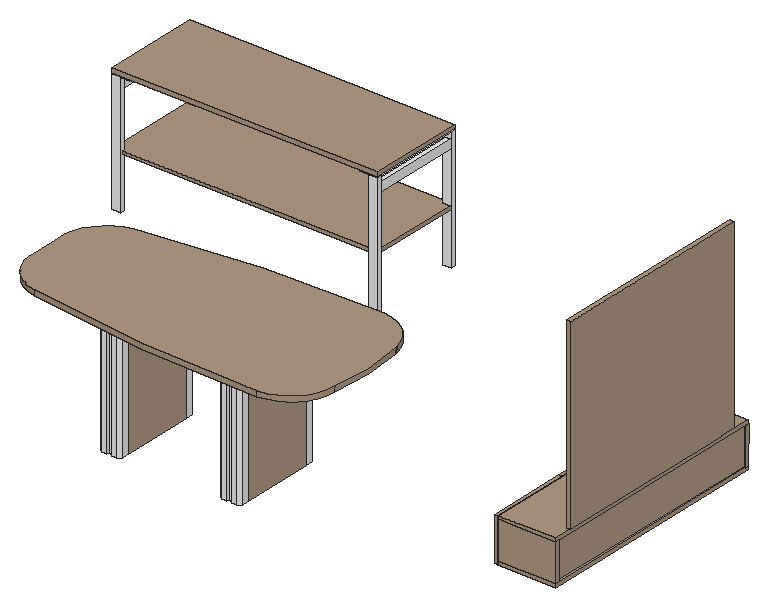
Revit family "T400009", category Furniture, Revit 2013
Parameters (values of type "T400009")
  Width = 168 5/16"
  URL = "http://www.ofsbrands.com/"
  Top Core Material = OFS BRANDS INTERMIX Top Core Wood
  Pull Material = OFS BRANDS INTERMIX Pull Metal
  Model = "T400009"
  Manufacturer = "FIRST OFFICE"
  Height = 72"
  Feet Material = OFS BRANDS INTERMIX Feet Metal
  Door Material = OFS BRANDS INTERMIX Door Plastic
  Description = "OFS BRANDS FIRST OFFICE INTERMIX TYPICAL T400009"
  Depth = 107 1/16"
  Copyright © = "© 2018 OFS BRANDS"
  Chassis Material = OFS BRANDS INTERMIX Chassis Wood
  Catalog = "http://ofsbrands.com/products/tables/conference-tables/intermix"
  Conector Clip Material = OFS BRANDS INTERMIX Conector Clip Metal
  Back Coverage Material = OFS BRANDS INTERMIX Back Coverage Plastic
  Authoring Version = "Autodesk Revit Architecture 2013"
  Assembly Code = "E2020200"
Reference planes (in)
  plane 1 "Center (Front/Back)": y = 0
  plane 2: z = 0
  plane 3 "Center (Left/Right)": x = 0
Forms (in)
  Extrusion 1, solid, material "OFS BRANDS INTERMIX Chassis Wood" <- "Chassis Material"
    sketch origin (83.91388, -5.91757, -26.25) x (1, 0, 0) y (0, 1, 0)
      loop
        line (-12.75, 6.75) -> (-12.75, -47.625) -> (0.25, -47.625) -> (0.25, 6.75) -> (-12.75, 6.75)
    from 55.49999 to 56.24999
  Extrusion 2, solid, material "OFS BRANDS INTERMIX Chassis Wood" <- "Chassis Material"
    sketch origin (83.91388, -5.91757, -35.5) x (1, 0, 0) y (0, 1, 0)
      loop
        line (-12.75, 6.75) -> (-12.75, -47.625) -> (0.25, -47.625) -> (0.25, 6.75) -> (-12.75, 6.75)
    from 55.49999 to 56.24999
  Extrusion 3, solid, material "OFS BRANDS INTERMIX Chassis Wood" <- "Chassis Material"
    sketch origin (77.41388, -12.41757, -13.5) x (1, 0, 0) y (0, 0, 1)
      loop
        line (6.75, 42.74999) -> (-6.25, 42.74999) -> (-6.25, 34.25) -> (6.75, 34.25) -> (6.75, 42.74999)
    from -13.25 to -12.50001
  Extrusion 4, solid, material "OFS BRANDS INTERMIX Chassis Wood" <- "Chassis Material"
    sketch origin (77.41388, -66.04258, -13.5) x (1, 0, 0) y (0, 0, 1)
      loop
        line (6.75, 42.74999) -> (-6.25, 42.74999) -> (-6.25, 34.25) -> (6.75, 34.25) -> (6.75, 42.74999)
    from -13.25 to -12.50001
  Extrusion 5, solid, material "OFS BRANDS INTERMIX Chassis Wood" <- "Chassis Material"
    sketch origin (77.41388, -48.29257, -13.5) x (1, 0, 0) y (0, 0, 1)
      loop
        line (5.5, 42.74999) -> (-6.25, 42.74999) -> (-6.25, 34.25) -> (5.5, 34.25) -> (5.5, 42.74999)
    from -13.25 to -12.50001
  Extrusion 6, solid, material "OFS BRANDS INTERMIX Chassis Wood" <- "Chassis Material"
    sketch origin (77.41388, -30.16757, -13.5) x (1, 0, 0) y (0, 0, 1)
      loop
        line (5.5, 42.74999) -> (-6.25, 42.74999) -> (-6.25, 34.25) -> (5.5, 34.25) -> (5.5, 42.74999)
    from -13.25 to -12.50001
  Extrusion 7, solid, material "OFS BRANDS INTERMIX Chassis Wood" <- "Chassis Material"
    sketch origin (96.16388, -5.41757, -13.5) x (0, 1, 0) y (0, 0, 1)
      loop
        line (5.5, 42.74999) -> (-47.375, 42.74999) -> (-47.375, 34.25) -> (5.5, 34.25) -> (5.5, 42.74999)
    from -13.25 to -12.50001
  Extrusion 8, solid, material "OFS BRANDS INTERMIX Chassis Wood" <- "Chassis Material"
    sketch origin (96.66388, -5.41757, 29.25001) x (0, 1, 0) y (0, 0, 1)
      loop
        line (2.0625, 42.74999) -> (-43.9375, 42.74999) -> (-43.9375, 0.74999) -> (2.0625, 0.74999) -> (2.0625, 42.74999)
    from -13.25 to -12.50001
  Extrusion 9, solid, material "OFS BRANDS INTERMIX Top Core Wood" <- "Top Core Material"
    sketch origin (-41.67594, 38.2068, 0.93745) x (0, -1, 0) y (1, 0, 0)
      loop
        arc (68.35543, -10.05636) -> (75.48422, -8.05106) -> (79.35802, -1.73961) r 10.15955
        arc (79.35802, -1.73961) -> (82.68836, 24.82889) -> (83.20319, 51.60035) r 253.99282
        arc (83.20319, 51.60035) -> (80.21531, 58.40345) -> (73.36091, 61.27171) r 10.00791
        arc (73.36091, 61.27171) -> (64.64235, 61.94649) -> (55.93644, 61.12439) r 51.08351
        line (55.93644, 61.12439) -> (55.59093, 61.08626)
        arc (55.59093, 61.08626) -> (49.89573, 57.75369) -> (47.51289, 51.60037) r 10.00791
        arc (47.51289, 51.60037) -> (48.0277, 24.82891) -> (51.35802, -1.73959) r 253.99282
        arc (51.35802, -1.73959) -> (55.23117, -8.05057) -> (62.35899, -10.05652) r 10.15955
        arc (62.35899, -10.05652) -> (65.35721, -10.12368) -> (68.35543, -10.05636) r 66.87567
    from 27.87755 to 29.03995
  Extrusion 10, solid, material "OFS BRANDS INTERMIX Feet Metal" <- "Feet Material"
    sketch origin (-50.60494, 65.67023, 0) x (1, 0, 0) y (0, 1, 0)
      loop
        line (-33.55894, -34.06516) -> (-31.55894, -34.06516) -> (-31.55894, -33.06516) -> (-33.55894, -33.06516) -> (-33.55894, -34.06516)
    from 0 to 27.4307
  Extrusion 11, solid, material "OFS BRANDS INTERMIX Feet Metal" <- "Feet Material"
    sketch origin (-93.19977, 29.36602, 0) x (0, -1, 0) y (0, 0, 1)
      loop
        line (-3.23905, 24.0557) -> (-3.23905, 26.0557) -> (-23.17655, 26.0557) -> (-23.17655, 24.0557) -> (-3.23905, 24.0557)
    from -10.16088 to -9.16088
  Extrusion 12, solid, material "OFS BRANDS INTERMIX Feet Metal" <- "Feet Material"
    sketch origin (-50.60494, 19.4774, 0) x (1, 0, 0) y (0, 1, 0)
      loop
        line (-33.55894, 34.06516) -> (-33.55894, 33.06516) -> (-31.55894, 33.06516) -> (-31.55894, 34.06516) -> (-33.55894, 34.06516)
    from 0 to 27.4307
  Extrusion 13, solid, material "OFS BRANDS INTERMIX Feet Metal" <- "Feet Material"
    sketch origin (-50.60494, 19.47741, 0.1943) x (1, 0, 0) y (0, 1, 0)
      loop
        line (-33.55894, 34.06516) -> (-33.55894, 12.12766) -> (-29.55894, 12.12766) -> (-29.55894, 34.06516) -> (-33.55894, 34.06516)
    from 27.2364 to 27.4307
  Extrusion 14, solid, material "OFS BRANDS INTERMIX Top Core Wood" <- "Top Core Material"
    sketch origin (121.83291, -32.46736, 0.93745) x (0, -1, 0) y (1, 0, 0)
      loop
        line (-86.01003, -205.99674) -> (-64.01003, -205.99676) -> (-64.01, -145.99676) -> (-86.01, -145.99675) -> (-86.01003, -205.99674)
    from 26.68755 to 27.68755
  Extrusion 15, solid, material "OFS BRANDS INTERMIX Top Core Wood" <- "Top Core Material"
    sketch origin (121.83291, -32.46736, -15.18755) x (0, -1, 0) y (1, 0, 0)
      loop
        line (-85.82253, -203.99675) -> (-85.01, -203.99675) -> (-85.01, -205.74675) -> (-65.07253, -205.74675) -> (-65.07253, -203.99675) -> (-64.32252, -203.99675) -> (-64.3225, -147.99675) -> (-65.07253, -147.99675) -> (-65.07253, -146.24675) -> (-85.01, -146.24674) -> (-85.01, -147.99675) -> (-85.8225, -147.99675) -> (-85.82253, -203.99675)
    from 26.93755 to 27.68755
  Extrusion 16, solid, material "OFS BRANDS INTERMIX Feet Metal" <- "Feet Material"
    sketch origin (-57.72282, 65.67023, 0) x (-1, 0, 0) y (0, -1, 0)
      loop
        line (-33.55894, 34.06516) -> (-33.55894, 33.06516) -> (-31.55894, 33.06516) -> (-31.55894, 34.06516) -> (-33.55894, 34.06516)
    from 0 to 27.4307
  Extrusion 17, solid, material "OFS BRANDS INTERMIX Feet Metal" <- "Feet Material"
    sketch origin (-15.12799, 29.36602, 0) x (0, -1, 0) y (0, 0, -1)
      loop
        line (-3.23905, -24.0557) -> (-23.17655, -24.0557) -> (-23.17655, -26.0557) -> (-3.23905, -26.0557) -> (-3.23905, -24.0557)
    from -10.16088 to -9.16088
  Extrusion 18, solid, material "OFS BRANDS INTERMIX Feet Metal" <- "Feet Material"
    sketch origin (-57.72282, 19.4774, 0) x (-1, 0, 0) y (0, -1, 0)
      loop
        line (-33.55894, -34.06516) -> (-31.55894, -34.06516) -> (-31.55894, -33.06516) -> (-33.55894, -33.06516) -> (-33.55894, -34.06516)
    from 0 to 27.4307
  Extrusion 19, solid, material "OFS BRANDS INTERMIX Feet Metal" <- "Feet Material"
    sketch origin (-57.72282, 19.47741, 0.1943) x (-1, 0, 0) y (0, -1, 0)
      loop
        line (-33.55894, -34.06516) -> (-29.55894, -34.06516) -> (-29.55894, -12.12766) -> (-33.55894, -12.12766) -> (-33.55894, -34.06516)
    from 27.2364 to 27.4307
  Extrusion 20, solid, material "OFS BRANDS INTERMIX Top Core Wood" <- "Top Core Material"
    sketch origin (121.83291, 25.85502, -57.38493) x (0, 0, -1) y (-1, 0, 0)
      loop
        line (-84.81573, 203.99675) -> (-84.8157, 147.99675) -> (-81.2537, 147.99675) -> (-81.25373, 203.99675) -> (-84.81573, 203.99675)
    from 26.93755 to 27.68755
  Extrusion 21, solid, material "OFS BRANDS INTERMIX Chassis Wood" <- "Chassis Material"
    sketch origin (80.91388, 30.76994, -13.5) x (0, 1, 0) y (0, 0, 1)
      loop
        line (-30, 43.4375) -> (-48, 43.4375) -> (-48, 33.5625) -> (-30, 33.5625) -> (-30, 43.4375)
    from -10.5 to -9.75001
  Extrusion 22, solid, material "OFS BRANDS INTERMIX Chassis Wood" <- "Chassis Material"
    sketch origin (-32.30719, -40.63356, 0) x (0, -1, 0) y (0, 0, 1)
      loop
        line (-5.48233, 0) -> (-5.48233, 28.0625) -> (-21.48233, 28.0625) -> (-21.48233, 0) -> (-5.48233, 0)
    from -1.1875 to -0.4375
  Extrusion 23, solid, material "OFS BRANDS INTERMIX Feet Metal" <- "Feet Material"
    sketch origin (2.9437, 13.72845, 0) x (1, 0, 0) y (0, 1, 0)
      loop
        line (-38.75088, -53.41093) -> (-25.75088, -53.41093) -> (-25.75088, -28.34843) -> (-38.75088, -28.34843) -> (-38.75088, -53.41093)
    from 28.0625 to 28.815
  Extrusion 24, solid, material "OFS BRANDS INTERMIX Chassis Wood" <- "Chassis Material"
    sketch origin (-26.40093, -40.63356, 0) x (0, -1, 0) y (0, 0, -1)
      loop
        line (-5.48233, 0) -> (-21.48233, 0) -> (-21.48233, -28.0625) -> (-5.48233, -28.0625) -> (-5.48233, 0)
    from -1.1875 to -0.4375
  Extrusion 25, solid, material "OFS BRANDS INTERMIX Feet Metal" <- "Feet Material"
    sketch origin (2.9437, 16.72845, 0) x (1, 0, 0) y (0, 1, 0)
      loop
        line (-34.79776, -51.87967) -> (-34.79776, -53.62968) -> (-34.04776, -54.37968) -> (-32.79776, -54.37968) -> (-32.79776, -53.87967) -> (-31.79776, -53.87967) -> (-31.79776, -54.37968) -> (-30.54776, -54.37968) -> (-29.79776, -53.62968) -> (-29.79776, -51.87967) -> (-30.53213, -51.87967) -> (-30.53213, -50.87968) -> (-34.06339, -50.87968) -> (-34.06339, -51.87967) -> (-34.79776, -51.87967)
    from 0 to 28.0625
  Extrusion 26, solid, material "OFS BRANDS INTERMIX Feet Metal" <- "Feet Material"
    sketch origin (2.9437, -71.0309, 0) x (1, 0, 0) y (0, 1, 0)
      loop
        line (-34.79776, 51.87967) -> (-34.06339, 51.87967) -> (-34.06339, 50.87968) -> (-30.53213, 50.87968) -> (-30.53213, 51.87967) -> (-29.79776, 51.87967) -> (-29.79776, 53.62968) -> (-30.54776, 54.37968) -> (-31.79776, 54.37968) -> (-31.79776, 53.87967) -> (-32.79776, 53.87967) -> (-32.79776, 54.37968) -> (-34.04776, 54.37968) -> (-34.79776, 53.62968) -> (-34.79776, 51.87967)
    from 0 to 28.0625
  Extrusion 27, solid, material "OFS BRANDS INTERMIX Chassis Wood" <- "Chassis Material"
    sketch origin (0.69282, -40.63356, 0) x (0, -1, 0) y (0, 0, -1)
      loop
        line (-5.48233, 0) -> (-21.48233, 0) -> (-21.48233, -28.0625) -> (-5.48233, -28.0625) -> (-5.48233, 0)
    from -1.1875 to -0.4375
  Extrusion 28, solid, material "OFS BRANDS INTERMIX Feet Metal" <- "Feet Material"
    sketch origin (-34.55807, 13.72845, 0) x (-1, 0, 0) y (0, -1, 0)
      loop
        line (-38.75088, 53.41093) -> (-38.75088, 28.34843) -> (-25.75088, 28.34843) -> (-25.75088, 53.41093) -> (-38.75088, 53.41093)
    from 28.0625 to 28.815
  Extrusion 29, solid, material "OFS BRANDS INTERMIX Chassis Wood" <- "Chassis Material"
    sketch origin (-5.21344, -40.63356, 0) x (0, -1, 0) y (0, 0, 1)
      loop
        line (-5.48233, 0) -> (-5.48233, 28.0625) -> (-21.48233, 28.0625) -> (-21.48233, 0) -> (-5.48233, 0)
    from -1.1875 to -0.4375
  Extrusion 30, solid, material "OFS BRANDS INTERMIX Feet Metal" <- "Feet Material"
    sketch origin (-34.55807, 16.72845, 0) x (-1, 0, 0) y (0, -1, 0)
      loop
        line (-34.79776, 51.87967) -> (-34.06339, 51.87967) -> (-34.06339, 50.87968) -> (-30.53213, 50.87968) -> (-30.53213, 51.87967) -> (-29.79776, 51.87967) -> (-29.79776, 53.62968) -> (-30.54776, 54.37968) -> (-31.79776, 54.37968) -> (-31.79776, 53.87967) -> (-32.79776, 53.87967) -> (-32.79776, 54.37968) -> (-34.04776, 54.37968) -> (-34.79776, 53.62968) -> (-34.79776, 51.87967)
    from 0 to 28.0625
  Extrusion 31, solid, material "OFS BRANDS INTERMIX Feet Metal" <- "Feet Material"
    sketch origin (-34.55807, -71.0309, 0) x (-1, 0, 0) y (0, -1, 0)
      loop
        line (-34.79776, -51.87967) -> (-34.79776, -53.62968) -> (-34.04776, -54.37968) -> (-32.79776, -54.37968) -> (-32.79776, -53.87967) -> (-31.79776, -53.87967) -> (-31.79776, -54.37968) -> (-30.54776, -54.37968) -> (-29.79776, -53.62968) -> (-29.79776, -51.87967) -> (-30.53213, -51.87967) -> (-30.53213, -50.87968) -> (-34.06339, -50.87968) -> (-34.06339, -51.87967) -> (-34.79776, -51.87967)
    from 0 to 28.0625
  Extrusion 32, solid, material "OFS BRANDS INTERMIX Pull Metal" <- "Pull Material"
    sketch origin (40.98717, -45.01058, -0.787) x (0, -1, 0) y (1, 0, 0)
      loop
        line (-39.43501, 29.4267) -> (-39.68501, 29.4267) -> (-39.68501, 28.17671) -> (-34.37251, 28.17671) -> (-34.37251, 29.4267) -> (-34.62251, 29.4267) -> (-34.62251, 28.42671) -> (-39.43501, 28.42671) -> (-39.43501, 29.4267)
    from 28.9745 to 29.4745
  Extrusion 33, solid, material "OFS BRANDS INTERMIX Chassis Wood" <- "Chassis Material"
    sketch origin (80.91388, 12.64494, -13.5) x (0, 1, 0) y (0, 0, 1)
      loop
        line (-30, 43.4375) -> (-48, 43.4375) -> (-48, 33.5625) -> (-30, 33.5625) -> (-30, 43.4375)
    from -10.5 to -9.75001
  Extrusion 34, solid, material "OFS BRANDS INTERMIX Pull Metal" <- "Pull Material"
    sketch origin (40.98717, -63.13558, -0.787) x (0, -1, 0) y (1, 0, 0)
      loop
        line (-39.43501, 29.4267) -> (-39.68501, 29.4267) -> (-39.68501, 28.17671) -> (-34.37251, 28.17671) -> (-34.37251, 29.4267) -> (-34.62251, 29.4267) -> (-34.62251, 28.42671) -> (-39.43501, 28.42671) -> (-39.43501, 29.4267)
    from 28.9745 to 29.4745
  Extrusion 35, solid, material "OFS BRANDS INTERMIX Chassis Wood" <- "Chassis Material"
    sketch origin (80.91388, -5.48006, -13.5) x (0, 1, 0) y (0, 0, 1)
      loop
        line (-30, 43.4375) -> (-48, 43.4375) -> (-48, 33.5625) -> (-30, 33.5625) -> (-30, 43.4375)
    from -10.5 to -9.75001
  Extrusion 36, solid, material "OFS BRANDS INTERMIX Pull Metal" <- "Pull Material"
    sketch origin (40.98717, -81.26058, -0.787) x (0, -1, 0) y (1, 0, 0)
      loop
        line (-39.43501, 29.4267) -> (-39.68501, 29.4267) -> (-39.68501, 28.17671) -> (-34.37251, 28.17671) -> (-34.37251, 29.4267) -> (-34.62251, 29.4267) -> (-34.62251, 28.42671) -> (-39.43501, 28.42671) -> (-39.43501, 29.4267)
    from 28.9745 to 29.4745
Dimensions and locks (in)
  aligned and locked: level to plane 2
